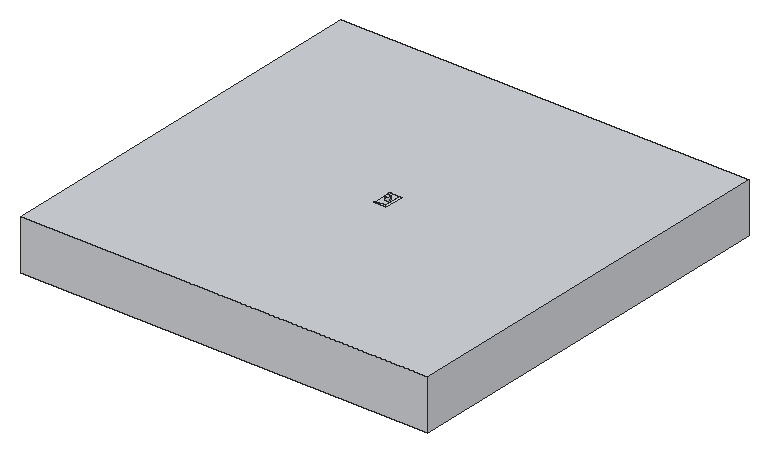
Revit family "M_Chave de cancelamento", category Dispositivos de alarme de incêndio, Revit 2019
Family settings
  Hospedeiro = Face
  Manter orientação da anotação = Sim
  Cota do conector redondo = Utilizar diâmetro
  Tipo de parte = Normal
  Número OmniClass = 23.85.30.21.11.17
  Título OmniClass = Other Components
  ID de item do Seek = Abort Switch-0000-CAN-ENU
  Corte com vazios quando carregada = Não
  Compartilhado = Não
  Ponto de cálculo do ambiente = Não
Parameters (values of type "Padrão")
  Largura 2 = 51 mm
  Material do interruptor = none
  Largura da superfície = 73 mm
  Espessura 3 = 15 mm
  Espessura 2 = Espessura - Espessura 1 - Espessura 3  # 42 mm
  Espessura 1 = Espessura * 0.05  # 3 mm
  Espessura = 60 mm
  Raio 1 = 13 mm
  Legenda = ""
  Altura 2 = 89 mm
  Altura da superfície = 117 mm
  Elevação-padrão = 460 mm
  Assembly Code = ""
Reference planes
  plane 1 "Centro (Frente/Trás)": y = 0
  plane 2: z = 0
  plane 3 "Centro (Esquerda/Direita)": x = 0
  plane 4 "Esquerda interna": x = -25.5
  plane 5 "Interior à direita": x = 25.5
  plane 6 "Interno superior": y = 44.5
  plane 7 "Inferior interno": y = -44.5
  plane 8 "Exterior à direita": x = 30.113
  plane 9 "Externo superior": y = 58.5
  plane 10 "Inferior externo": y = -58.5
  plane 11 "Parte frontal": z = 3
  plane 12 "Parte posterior": z = -42
  plane 13: y = 52.15
  plane 14: y = -52.15
  plane 15: x = -30.439
  plane 16: x = 36.5
  plane 17: z = 18
  plane 18: x = -13
  plane 19: x = 13
  plane 20: x = -36.5
Forms (mm)
  Extrusion 1, solid
    sketch origin (0, 0, 0) x (1, 0, 0) y (0, 1, 0)
      loop
        line (-1260.826, 1219.2) -> (-1260.826, -1219.2) -> (1219.2, -1219.2) -> (1219.2, 1219.2) -> (-1260.826, 1219.2)
    from 0 to -304.8
  Extrusion 2, solid, material <- "Material do interruptor"
    sketch origin (0, 0, 0) x (1, 0, 0) y (0, 1, 0)
      loop
        line (-25.5, 44.5) -> (-25.5, -44.5) -> (25.5, -44.5) -> (25.5, 44.5) -> (-25.5, 44.5)
    from 0 to -42
  Blend 3, solid, material <- "Material do interruptor"
    base sketch origin (0, 0, 0) x (1, 0, 0) y (0, 1, 0)
      loop
        line (-36.5, 58.5) -> (-36.5, -58.5) -> (36.5, -58.5) -> (36.5, 58.5) -> (-36.5, 58.5)
    top sketch origin (0, 0, 0) x (1, 0, 0) y (0, 1, 0)
      loop
        line (-30.439, 52.15) -> (-30.439, -52.15) -> (30.113, -52.15) -> (30.113, 52.15) -> (-30.439, 52.15)
    from 0 to 3
  Extrusion 4, solid, material <- "Material do interruptor"
    sketch origin (0, 0, 0) x (1, 0, 0) y (0, 1, 0)
      loop
        circle (0, 0) r 13
    from 3 to 18
Lines and regions (mm)
  symbolic lines, detail levels fine
    curve 1: line (-25.5, 0, 0) -> (-25.5, 0, -42)
    curve 2: line (-25.5, 0, -42) -> (25.5, 0, -42)
    curve 3: line (25.5, 0, -42) -> (25.5, 0, 0)
    curve 4: line (-36.5, 0, 0) -> (36.5, 0, 0)
    curve 5: line (-30.439, 0, 3) -> (-36.5, 0, 0)
    curve 6: line (36.5, 0, 0) -> (30.113, 0, 3)
    curve 7: line (30.113, 0, 3) -> (-30.439, 0, 3)
    curve 8: line (13, 0, 18) -> (-13, 0, 18)
    curve 9: line (-13, 0, 18) -> (-13, 0, 3)
    curve 10: line (13, 0, 18) -> (13, 0, 3)
Dimensions and locks
  equal spacing: plane 4 "Esquerda interna", plane 3 "Centro (Esquerda/Direita)", plane 5 "Interior à direita"
  "Largura 2": plane 4 "Esquerda interna" to plane 5 "Interior à direita"
  equal spacing: plane 6 "Interno superior", plane 1 "Centro (Frente/Trás)", plane 7 "Inferior interno"
  "Altura 2": plane 6 "Interno superior" to plane 7 "Inferior interno"
  equal spacing: plane 9 "Externo superior", plane 1 "Centro (Frente/Trás)", plane 10 "Inferior externo"
  "Altura da superfície": plane 9 "Externo superior" to plane 10 "Inferior externo"
  "Espessura 1": plane 11 "Parte frontal" to plane 2
  "Espessura 2": plane 2 to plane 12 "Parte posterior"
  locked: plane 8 "Exterior à direita" to plane 16 at 6.387
  locked: plane 14 to plane 10 "Inferior externo" at 6.35
  locked: plane 9 "Externo superior" to plane 13 at 6.35
  "Espessura 3": plane 17 to plane 11 "Parte frontal"
  equal spacing: plane 19, plane 3 "Centro (Esquerda/Direita)", plane 18
  "Raio 1": plane 3 "Centro (Esquerda/Direita)" to plane 18
  locked: plane 20 to plane 15 at 6.061
  equal spacing: plane 20, plane 3 "Centro (Esquerda/Direita)", plane 16
  "Largura da superfície": plane 20 to plane 16
  "Raio 1": radius of Extrusion 4 sketch curve
  aligned and locked: plane 2 to Extrusion 1
  aligned and locked: level to Extrusion 1
  aligned and locked: plane 4 "Esquerda interna" to Extrusion 2 sketch curve
  aligned and locked: Extrusion 2 sketch curve to plane 6 "Interno superior"
  aligned and locked: plane 7 "Inferior interno" to Extrusion 2 sketch curve
  aligned and locked: Extrusion 2 sketch curve to plane 5 "Interior à direita"
  aligned and locked: Extrusion 2 to plane 12 "Parte posterior"
  aligned and locked: plane 10 "Inferior externo" to Blend 3 sketch curve
  aligned and locked: Blend 3 sketch curve to plane 16
  aligned and locked: Blend 3 sketch curve to plane 9 "Externo superior"
  aligned and locked: Blend 3 sketch curve to plane 13
  aligned and locked: plane 15 to Blend 3 sketch curve
  aligned and locked: plane 14 to Blend 3 sketch curve
  aligned and locked: Blend 3 sketch curve to plane 8 "Exterior à direita"
  aligned and locked: plane 11 "Parte frontal" to Blend 3
  aligned and locked: Blend 3 to plane 2
  aligned and locked: plane 1 "Centro (Frente/Trás)" to Extrusion 4 sketch curve
  aligned and locked: plane 3 "Centro (Esquerda/Direita)" to Extrusion 4 sketch curve
  aligned and locked: plane 17 to Extrusion 4
  aligned and locked: Extrusion 4 to plane 11 "Parte frontal"
  aligned and locked: curve 1 to Extrusion 2
  aligned and locked: curve 2 to Extrusion 2
  aligned and locked: curve 3 to Extrusion 2
  aligned and locked: curve 4 to Blend 3
  aligned and locked: curve 5 to Blend 3
  aligned and locked: curve 6 to Blend 3
  aligned and locked: curve 7 to Blend 3
  aligned and locked: curve 8 to Extrusion 4
  aligned and locked: plane 17 to curve 9
  aligned and locked: plane 18 to curve 9
  aligned and locked: plane 11 "Parte frontal" to curve 10
  aligned and locked: plane 19 to curve 10
  aligned and locked: plane 20 to Blend 3 sketch curve
  aligned and locked: plane 1 "Centro (Frente/Trás)" to nested 1
  aligned and locked: plane 3 "Centro (Esquerda/Direita)" to nested 1
Automatic sketch dimensions
  Extrusion 1 sketch curve to Extrusion 1 sketch curve = 2480.026 mm
  Extrusion 1 sketch curve to Extrusion 1 sketch curve = 2438.4 mm
Nested families
  nested 1: "M_Anotação de chave de cancelamento" at (0, 0, 0), type "Anotação da chave de cancelamento", detail levels coarse+medium
Connectors
  electrical at (0, 44.5, -21)
    settings: on Extrusion 2, index 1, voltage 0 V, apparent load 0 VA, apparent load phase1 0 VA, apparent load phase2 0 VA, apparent load phase3 0 VA, power factor 0, load classification "Outros", number of poles 1, system type 11, power factor state 1, is connector primary yes, connector utility no, sub classification motor no, connector description ""
Definition of nested family "M_Anotação de chave de cancelamento"
  Parameters
    Anotação de legenda = ""
  Reference planes
    plane 1: y = 0
    plane 2: x = 0
  Lines and regions (mm)
    detail lines
      curve 1: line (-1.191, 2.381, 0) -> (1.191, 2.381, 0)
      curve 2: line (-1.191, 0, 0) -> (-1.191, 2.381, 0)
      curve 3: line (1.191, 0, 0) -> (-1.191, 0, 0)
      curve 4: line (1.191, 2.381, 0) -> (1.191, 0, 0)
      curve 5: line (0, 2.381, 0) -> (0, 3.967, 0)
      curve 7: arc (1.853, 3.08, 0) -> (0.003, 3.967, 0) -> (-1.849, 3.085, 0) r 2.38
    reference lines
      curve 6: line (-6.529, 1.588, 0) -> (15.68, 1.587, 0)
  Text (mm)
    label "W" at (1.309, -0.069, 0), shows "Anotação de legenda"
  Dimensions and locks
    equal spacing: curve 2, plane 2, curve 4
    curve 2 to plane 2 = 1.191 mm
    locked: curve 3 to curve 1 at 2.381
    locked: curve 5 to curve 5 at 1.586
    locked: curve 6 to curve 5 at 2.38
    curve 1 to curve 7 = 0.704 mm
    aligned and locked: curve 3 to plane 1
Types in the file's own list only (10): name | Legenda
  Dióxido de carbono | "CO2"
  Agente de limpeza | "CA"
  Sprinkler de abundância | "DL"
  Química seca | "DC"
  Desligamento da emergência | "EPO"
  Espuma | "FO"
  Halon | "HL"
  Sistema de pré-ação | "PRE"
  Névoa d'água | "WM"
  Químico molhado | "WC"
